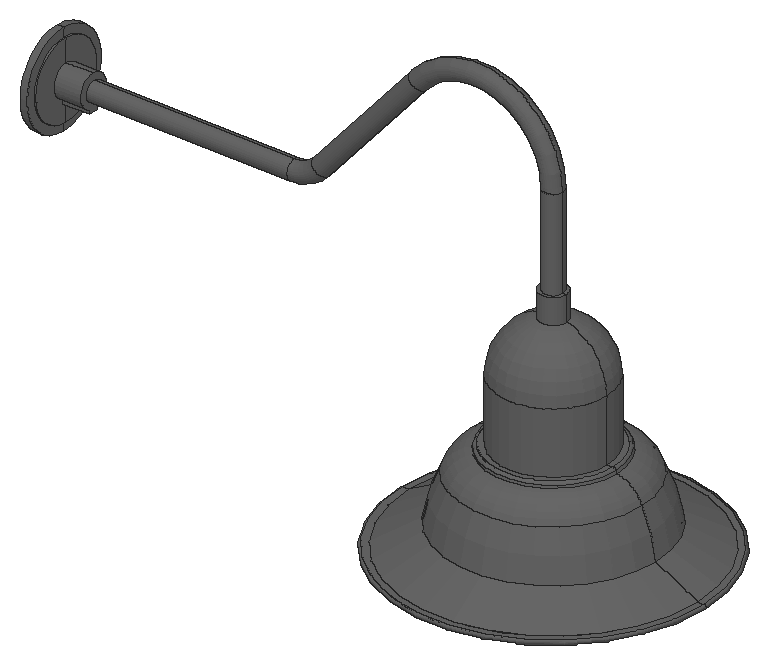
Revit family "Mini Bella Vista_Bell_LED", category Lighting Fixtures, Revit 2020
Family settings
  Round Connector Dimension = Use Diameter
  Part Type = Normal
  OmniClass Number = 23.80.70.00
  OmniClass Title = Lighting
  Work Plane-Based = No
  Always vertical = Yes
  Cut with Voids When Loaded = No
  Light Source = Yes
  Shared = No
  Room Calculation Point = No
Parameters (values of type "MBVB16")
  Weight = "2.6 lb"
  Wattage Comments = "24W"
  Wattage = 2.4 W
  Warranty = "5 year limited warranty"  # constant formula
  built-in parameter 1150110 = 1 (stored number, unit not read)
  Voltage = 277 V
  URL = "https://www.anplighting.com/assets/Uploads/product-attachments/specification-sheets/ANP-Specification-Sheet-RLM-LED-MBVB16.pdf"
  built-in parameter 1114217 = 1 (stored number, unit not read)
  Tilt Angle = 90.00°
  built-in parameter 1150109 = 1 (stored number, unit not read)
  built-in parameter 1150134 = 12
  built-in parameter 1150113 = 1 (stored number, unit not read)
  Mounting Option [instance] = 2
  Power Factor = 1
  Post Mount [instance] = Mounting Option = 5  # no
  Placement X axis side [instance] = if(Post Mount, 2' 2 15/32", if(Cord or Stem Mount, 0' 0", if(E36 20 inch, 1' 8 1/4", if(E 6 26 inch, 2' 2", if(E7 41 inch, 3' 5 1/4", 0' 1")))))  # 2' - 2"
  Photometric Web File = "MBVA16E040LDST540K.ies"
  Model = "MBVB16"
  Manufacturer = "ANP Lighting"  # constant formula
  MBVB16 = yes
  MBVB14 = no
  MBVB12 = no
  built-in parameter 1150105 = 3000 (stored number, unit not read)
  Lumens = 3000 lm
  built-in parameter 1150115 = 1 (stored number, unit not read)
  Load Classification = Lighting
  Light Source Height [instance] = if(BVB2001, 0' 2 1/2", if(BVB2401, 0' 2 1/2", if(BVB3001, 0' 2 1/2", if(MBVB12, 0' 2 1/2", if(MBVB14, 0' 4 1/2", if(MBVB16, 0' 5", 0' 0"))))))  # 0' - 5"
  built-in parameter 1150137 = (empty or 0)
  built-in parameter 1150139 = (empty or 0)
  Light Elevation_3 [instance] = if(BVB2001, (0' 2" + 0' 1 33/64"), if(BVB2401, (0' 1 1/4" + 0' 1 33/64"), if(BVB3001, (0' 2" + 0' 1 33/64"), if(MBVB12, (0' 1 3/4" + 0' 2 55/128"), if(MBVB14, (0' 2 3/8" + 0' 2 55/128"), if(MBVB16, (0' 3 3/8" + 0' 2 55/128"), 0' 0"))))))  # 0' - 5 103/128"
  Light Elevation _2 [instance] = if(BVB2001, 1' 2 1/2", if(BVB2401, 1' 7", if(BVB3001, 1' 10 153/256", if(MBVB12, 0' 10 5/8", if(MBVB14, 0' 11 1/4", if(MBVB16, 1' 0 1/4", 0' 0"))))))  # 1' - 0 1/4"
  Light Elevation _1 [instance] = if(Post Mount, 0' 0", if(E7 41 inch, 0' 0", if(E36 20 inch, 0' 1", if(E 6 26 inch, 0' 0.87402", if(Cord or Stem Mount, (0' 3.66142" + Cord Length), 0' 0")))))  # 0' - 0.87402"
  Light Elevation [instance] = if(Post Mount, 14' 0.5315", if(E7 41 inch, 0' 0", 0' 0"))  # 0' - 0"
  Life = "L70 50,000 hours"  # constant formula
  Led Platfrom = no
  built-in parameter 1150112 = 1 (stored number, unit not read)
  built-in parameter 1150114 = 1 (stored number, unit not read)
  Lamp = "LED"
  Inside platform Radius = Inside Platform Dia / 2  # 0' - 10"
  Inside body material = INSIDE BODY MATERIAL
  Inside Platform Dia = if(BVB2001, 1' 6", if(BVB2401, 1' 10", if(BVB3001, 2' 3 1/2", if(MBVB12, 1' 8", if(MBVB14, 1' 8", if(MBVB16, 1' 8", 0' 0"))))))  # 1' - 8"
  built-in parameter 1150132 = 2
  built-in parameter 1150102 = (empty or 0)
  built-in parameter 1150107 = 4000 (stored number, unit not read)
  built-in parameter 1150138 = (empty or 0)
  built-in parameter 1150106 = 30 (stored number, unit not read)
  INside Platfrom Height = if(BVB2001, (0' 2" + 0' 1 33/64"), if(BVB2401, (0' 1 1/4" + 0' 1 33/64"), if(BVB3001, (0' 2" + 0' 1 33/64"), if(MBVB12, (0' 1 3/4" + 0' 2 55/128"), if(MBVB14, (0' 2 3/8" + 0' 2 55/128"), if(MBVB16, (0' 3 3/8" + 0' 2 55/128"), 0' 0"))))))  # 0' - 5 103/128"
  GLASS = Glass
  Fixture Height = 1' - 0 1/4"
  Fixture Diameter = 1' - 4"
  Efficiency = "65-125 lumens per watt"  # constant formula
  built-in parameter 1150104 = 116.13 (stored number, unit not read)
  E7 41 inch [instance] = Mounting Option = 4  # no
  E36 20 inch [instance] = Mounting Option = 3  # no
  E 6 26 inch [instance] = Mounting Option = 2  # yes
  Dimming Lamp Color Temperature Shift = <None>
  Dimming = "1%"  # constant formula
  Description = "120-277 Voltage"  # constant formula
  Default Elevation = 0' - 0"
  Cord or Stem Mount [instance] = Mounting Option = 1  # no
  Cord Length option [instance] = 10
  Cord Length [instance] = if([2' Cord], 2' 0", if([4' Cord], 4' 0", if([8' Cord], 8' 0", if([10' Cord], 10' 0", if([6' Cord], 6' 0", 6' 0")))))  # 10' - 0"
  Construction Material = "Heavy Duty spun aluminum."  # constant formula
  Color Filter = 16777215
  CRI = ">90"
  Bulb_1 = yes
  Bulb = BULB
  Body Material = body
  Body Colour = "Spun aluminium"  # constant formula
  built-in parameter 1114218 = 1 (stored number, unit not read)
  BVB3001 = no
  BVB2401 = no
  BVB2001 = no
  built-in parameter 1150133 = 10 (stored number, unit not read)
  Apparent Load = 24 VA
  8' Cord [instance] = Cord Length option = 8  # no
  6' Cord [instance] = Cord Length option = 6  # no
  4' Cord [instance] = Cord Length option = 4  # no
  2' Cord [instance] = Cord Length option = 2  # no
  10' Cord [instance] = Cord Length option = 10  # yes
Reference planes (in)
  plane 1 "Light Source Axis (F/B)": y = 0
  plane 2: z = 0
  plane 3 "Light Source Axis (L/R)": x = 0
  plane 4 "Light Source Elevation": z = 0
  plane 5: z = 0
  plane 6: x = 26
  plane 7 "Bulb Position": z = -7.31933
  plane 8 "Canopy Position": z = -0.87402
  plane 9 "IES": z = -12.31933
  plane 10: z = -13.12402
Dimensions and locks (in)
  "Light Elevation": plane 5 to plane 2
  "Placement X axis side": plane 6 to plane 3 "Light Source Axis (L/R)"
  "Light Elevation _1": plane 5 to plane 8 "Canopy Position"
  "Light Source Height": plane 7 "Bulb Position" to plane 9 "IES"
  locked: plane 4 "Light Source Elevation" to plane 2
  "Light Elevation _2": plane 8 "Canopy Position" to plane 10
  "Light Elevation_3": plane 7 "Bulb Position" to plane 10
  aligned and locked: level to plane 2
  aligned and locked: plane 1 "Light Source Axis (F/B)" to nested 5
  aligned and locked: nested 5 to plane 2
  aligned and locked: nested 1 to plane 3 "Light Source Axis (L/R)"
  aligned and locked: plane 3 "Light Source Axis (L/R)" to nested 2
  aligned and locked: plane 3 "Light Source Axis (L/R)" to nested 4
  aligned and locked: nested 3 to plane 5
  aligned and locked: plane 3 "Light Source Axis (L/R)" to nested 3
  aligned and locked: plane 3 "Light Source Axis (L/R)" to nested 5
  aligned and locked: plane 1 "Light Source Axis (F/B)" to nested 2
  aligned and locked: plane 1 "Light Source Axis (F/B)" to nested 1
  aligned and locked: plane 1 "Light Source Axis (F/B)" to nested 4
  aligned and locked: plane 1 "Light Source Axis (F/B)" to nested 3
  aligned and locked: plane 2 to nested 1
  aligned and locked: plane 2 to nested 2
  aligned and locked: nested 4 to plane 2
  aligned and locked: imposter light to plane 9 "IES"
  aligned and locked: plane 6 to imposter light
  aligned and locked: plane 1 "Light Source Axis (F/B)" to nested 6
  aligned and locked: plane 1 "Light Source Axis (F/B)" to nested 7
  aligned and locked: nested 7 to plane 7 "Bulb Position"
  aligned and locked: plane 7 "Bulb Position" to nested 6
  aligned and locked: plane 6 to nested 7
  aligned and locked: plane 6 to nested 6
  aligned and locked: plane 1 "Light Source Axis (F/B)" to nested 8
  aligned and locked: plane 1 "Light Source Axis (F/B)" to nested 9
  aligned and locked: plane 1 "Light Source Axis (F/B)" to nested 10
  aligned and locked: plane 1 "Light Source Axis (F/B)" to nested 11
  aligned and locked: plane 1 "Light Source Axis (F/B)" to nested 12
  aligned and locked: plane 1 "Light Source Axis (F/B)" to nested 13
  aligned and locked: plane 8 "Canopy Position" to nested 8
  aligned and locked: plane 8 "Canopy Position" to nested 9
  aligned and locked: plane 8 "Canopy Position" to nested 10
  aligned and locked: plane 8 "Canopy Position" to nested 11
  aligned and locked: plane 8 "Canopy Position" to nested 12
  aligned and locked: plane 6 to nested 8
  aligned and locked: plane 6 to nested 9
  aligned and locked: plane 6 to nested 10
  aligned and locked: plane 6 to nested 11
  aligned and locked: plane 6 to nested 12
  aligned and locked: plane 6 to nested 13
Nested families (in)
  nested 1: "CORD OR STEM MOUNT" at (0, 0, -123.67), visible <- "Cord or Stem Mount", Cord or Stem Mount <- "Cord or Stem Mount", Body Material <- "Body Material", Light Elevation <- "Light Elevation", Cord Length <- "Cord Length", 10' Cord <- "10' Cord", 2' Cord <- "2' Cord", 4' Cord <- "4' Cord", 6' Cord <- "6' Cord", 8' Cord <- "8' Cord", type "CORD OR STEM MOUNT"
    with Light Elevation 0' - 0", Cord or Stem Mount no, Cord Length 10' - 0", Body Material body, 8' Cord no, 6' Cord no, 4' Cord no, 2' Cord no, 10' Cord yes
  nested 2: "E6 26 INCH" at (26, 0, 0), visible <- "E 6 26 inch", Chain Length <- "Cord Length", E 6 26 inch <- "E 6 26 inch", Placement X axis side <- "Placement X axis side", Body Material <- "Body Material", Light Elevation <- "Light Elevation", type "E6 26 INCH"
    with Placement X axis side 2' - 2", Light Elevation 0' - 0", E 6 26 inch yes, Chain Length 10' - 0", Body Material body
  nested 3: "E7 41 INCH" at (26, 0, 0), Chain Length <- "Cord Length", visible <- "E7 41 inch", E7 41 inch <- "E7 41 inch", Placement X axis side <- "Placement X axis side", Body Material <- "Body Material", Light Elevation <- "Light Elevation", type "E7 41 INCH"
    with Placement X axis side 2' - 2", Light Elevation 0' - 0", E7 41 inch no, Chain Length 10' - 0", Body Material body
  nested 4: "E36 20 INCH" at (26, 0, 0), visible <- "E36 20 inch", E36 20 inch <- "E36 20 inch", Placement X axis side <- "Placement X axis side", Chain Length <- "Cord Length", Body Material <- "Body Material", Light Elevation <- "Light Elevation", type "E36 20 INCH"
    with Placement X axis side 2' - 2", Light Elevation 0' - 0", E36 20 inch no, Chain Length 10' - 0", Body Material body
  nested 5: "POST MOUNT" at (26, 0, 0), visible <- "Post Mount", Post Mount <- "Post Mount", Placement X axis side <- "Placement X axis side", Chain Length <- "Cord Length", Body Material <- "Body Material", Light Elevation <- "Light Elevation", type "POST MOUNT"
    with Post Mount no, Placement X axis side 2' - 2", Light Elevation 0' - 0", Chain Length 10' - 0", Body Material body
  nested 6: "LED PLATFORM" at (26, 0, -13.12402), GLASS <- "GLASS", INSIDE BODY <- "Inside body material", visible <- "Led Platfrom", LED Platform <- "Led Platfrom", INside Platfrom Height <- "INside Platfrom Height", Inside platform Radius <- "Inside platform Radius", type "LED PLATFORM"
    with LED Platform no, Inside platform Radius 0' - 10", INside Platfrom Height 0' - 5 103/128", INSIDE BODY INSIDE BODY MATERIAL, GLASS Glass
  nested 7: "Bulb" at (26, 0, -5.29368), GLASS <- "GLASS", type "Bulb"
    with GLASS Glass
  nested 8: "BVA2001" at (26, 0, -0.87402), Body <- "Body Material", visible <- "BVB2001", Light Elevation <- "Light Elevation", BVB2001 <- "BVB2001", type "BVA2001"
    with Light Elevation 0' - 0", Body body, BVB2001 no
  nested 9: "BVA2401" at (26, 0, -3.86406), Light Elevation <- "Light Elevation", visible <- "BVB2401", Body <- "Body Material", BVB2401 <- "BVB2401", type "BVA2401"
    with Light Elevation 0' - 0", Body body, BVB2401 no
  nested 10: "BVA3001" at (26, 0, -3.47137), BVB3001 <- "BVB3001", Light Elevation <- "Light Elevation", Body <- "Body Material", visible <- "BVB3001", type "BVA3001"
    with Light Elevation 0' - 0", Body body, BVB3001 no
  nested 11: "MBVB12 LED" at (26, 0, -0.87402), visible <- "MBVB12", Body <- "Body Material", Light Elevation <- "Light Elevation", MBVB12 <- "MBVB12", type "MBVB12 LED"
    with MBVB12 no, Light Elevation 0' - 0", Body body
  nested 12: "MBVB14 LED" at (26, 0, -0.87402), visible <- "MBVB14", Body <- "Body Material", Light Elevation <- "Light Elevation", MBVB14 <- "MBVB14", type "MBVB14 LED"
    with MBVB14 no, Light Elevation 0' - 0", Body body
  nested 13: "MBVB16 LED" at (26, 0, -0.87402), MBVB16 <- "MBVB16", Light Elevation <- "Light Elevation", Body <- "Body Material", visible <- "MBVB16", type "MBVB16 LED"
    with MBVB16 yes, Light Elevation 0' - 0", Body body
Definition of nested family "E6 26 INCH"
  Parameters (values of type "E6 26 INCH")
    URL = ""
    Placement X axis side [instance] = 2' - 2"
    Model = ""
    Manufacturer = ""
    Light Elevation [instance] = 8' - 4"
    E 6 26 inch [instance] = yes
    Default Elevation = 0' - 0"
    Chain Length [instance] = 0' - 0"
    Body Material [instance] = none
  Reference planes (in)
    plane 1 "Light Source Axis (F/B)": y = 0
    plane 2: z = 0
    plane 3 "Light Source Axis (L/R)": x = 0
    plane 4 "Light Source Elevation": z = 23.125
    plane 5: z = 100
    plane 6: x = -26
    plane 7: z = 99.125
    plane 8: x = -24.12
    plane 9: x = -25.5474
  Forms (in)
    Extrusion 1, void, not visible
      sketch origin (0, 0, 2.38154) x (1, 0, 0) y (0, 0, 1)
        loop
          circle (0, 4.59925) r 0.16583
      from 1.18594 to 1.75
    Extrusion 2, void, not visible
      sketch origin (0, 0, 2.38154) x (0.707107, -0.707107, 0) y (0, 0, 1)
        loop
          circle (0, 4.59925) r 0.16583
      from 1.18594 to 1.75
    Extrusion 3, void, not visible
      sketch origin (0, 0, 2.38154) x (0.707107, 0.707107, 0) y (0, 0, 1)
        loop
          circle (0, 4.59925) r 0.16583
      from 1.18594 to 1.75
    Extrusion 4, void, not visible
      sketch origin (0, 0, 2.38154) x (0, 1, 0) y (0, 0, 1)
        loop
          circle (0, 4.59925) r 0.16583
      from 1.18594 to 1.75
    Extrusion 5, void, not visible
      sketch origin (0, 0, 2.38154) x (-0.707107, 0.707107, 0) y (0, 0, 1)
        loop
          circle (0, 4.59925) r 0.16583
      from 1.18594 to 1.75
    Extrusion 6, void, not visible
      sketch origin (0, 0, 2.38154) x (-1, 0, 0) y (0, 0, 1)
        loop
          circle (0, 4.59925) r 0.20678
      from 1.18594 to 1.75
    Extrusion 7, void, not visible
      sketch origin (0, 0, 2.38154) x (-0.707107, -0.707107, 0) y (0, 0, 1)
        loop
          circle (0, 4.59925) r 0.16583
      from 1.18594 to 1.75
    Extrusion 8, void, not visible
      sketch origin (0, 0, 2.38154) x (0, -1, 0) y (0, 0, 1)
        loop
          circle (0, 4.59925) r 0.16583
      from 1.18594 to 1.75
    Sweep 9, solid, material <- "Body Material", visible <- "E 6 26 inch"
      path origin (-41.25, 0, 168.51693) x (1, 0, 0) y (0, 0, 1)
        loop
          line (17.13, -68.51693) -> (27.68551, -68.51693)
          arc (27.68551, -68.51693) -> (28.47996, -68.34486) -> (29.13202, -67.8595) r 1.92004
          line (29.13202, -67.8595) -> (34.23651, -62.01155)
          arc (34.23651, -62.01155) -> (38.65464, -60.89667) -> (41.25, -64.64193) r 4
          line (41.25, -64.64193) -> (41.25, -69.39193)
      profile origin (-18.84224, 0, 100) x (0, 0, 1) y (0, -1, 0)
        loop
          circle (0, 0) r 0.5
    Revolve 10, solid, material <- "Body Material", visible <- "E 6 26 inch"
      sketch origin (-26, 0, 168.51693) x (1, 0, 0) y (0, 0, 1)
        loop
          line (0, -66.07943) -> (0, -68.51693) -> (1.88, -68.51693) -> (1.88, -67.69272) -> (0.4526, -67.69272) -> (0.4526, -66.54122) -> (0.33125, -66.54122) -> (0.33125, -66.07943) -> (0, -66.07943)
        axis (0, -68.51693) -> (1.88, -68.51693)
      angle from 0 to 360
    Extrusion 11, solid, material <- "Body Material", visible <- "E 6 26 inch"
      sketch origin (-26, 0, 168.51693) x (0, -1, 0) y (0, 0, -1)
        loop
          line (0.25, 68.51693) -> (0.25, 69.51693) -> (-0.25, 69.51693) -> (-0.25, 68.51693) -> (0.25, 68.51693)
      from 0.4526 to 1.88
  Cuts and joins
    joined: Revolve 10, Extrusion 11
  Dimensions and locks (in)
    "Light Elevation": plane 5 to plane 2
    "Placement X axis side": plane 3 "Light Source Axis (L/R)" to plane 6
    locked: plane 5 to plane 7 at 0.875
    Revolve 10 sketch curve to Revolve 10 sketch curve to Revolve 10 sketch curve to plane 6 = 0' - 1.4274" locked, 0' - 0.12135" locked, 0' - 0.33125" locked
    Revolve 10 sketch curve to Revolve 10 sketch curve to Revolve 10 sketch curve to plane 5 = 0' - 0.46179" locked, 0' - 1.1515" locked, 0' - 0 211/256" locked
    locked: Sweep 9 sketch curve to plane 6 at 1.88
    locked: Sweep 9 sketch curve to Sweep 9 sketch curve at 10.55551
    locked: Sweep 9 sketch curve to Sweep 9 sketch curve at 13.56449
    locked: Sweep 9 sketch curve to Sweep 9 sketch curve at 4.75
    locked: plane 9 to plane 6 at 0.4526
    locked: plane 8 to plane 9 at 1.4274
    aligned and locked: level to plane 2
    aligned and locked: Revolve 10 sketch curve to plane 6
    aligned and locked: plane 5 to Revolve 10 sketch curve
    aligned and locked: Revolve 10 sketch curve to plane 5
    aligned and locked: cut or joined group of Revolve 10, Extrusion 11 to plane 9
    aligned and locked: plane 8 to cut or joined group of Revolve 10, Extrusion 11
  Automatic sketch dimensions
    Sweep 9 sketch curve to plane 5 = 0' - 0"
    Sweep 9 sketch curve to Sweep 9 sketch curve = 0' - 4"
    Sweep 9 sketch curve to Sweep 9 sketch curve = 0' - 3.01349"
    plane 5 to Sweep 9 sketch curve = 0' - 0.65743"
    Sweep 9 sketch curve to Sweep 9 sketch curve = 0' - 1.4465"
    Sweep 9 sketch curve to plane 5 = 0' - 0 7/8"
    profile plane to Sweep 9 sketch curve = 0' - 0"
    Sweep 9 sketch curve to profile plane = 0' - 0"
    plane 6 to Revolve 10 sketch curve = 0' - 0.62562"
    Revolve 10 sketch curve to Revolve 10 sketch curve = 0' - 0 1/2"
    Extrusion 11 sketch curve to plane 5 = 0' - 0"
    plane 1 "Light Source Axis (F/B)" to Extrusion 11 sketch curve = 0' - 0 1/4"
    Extrusion 11 sketch curve to plane 1 "Light Source Axis (F/B)" = 0' - 0 1/4"
    plane 5 to Extrusion 11 sketch curve = 0' - 1"
    radius of Sweep 9 sketch curve = 0' - 0 1/2"
Definition of nested family "Bulb"
  Parameters (values of type "Bulb")
    GLASS [instance] = none
    Default Elevation = 0' - 0"
    Bulb_1 = yes
    Bulb = none
  Reference planes (in)
    plane 1 "Center (Front/Back)": y = 0
    plane 2: z = 0
    plane 3 "Center (Left/Right)": x = 0
  Forms (in)
    Revolve 1, solid, material <- "GLASS", visible <- "Bulb_1"
      sketch origin (0.00446, 0, 0.00567) x (1, 0, 0) y (0, 0, 1)
        loop
          arc (-1.22244, -3.28132) -> (-0.86108, -4.13031) -> (0, -4.46182) r 1.18347
          line (0, -4.46182) -> (0, -3.28132) -> (-1.22244, -3.28132)
        axis (0, -4.46182) -> (0, -3.28132)
      angle from 0 to 360
    Revolve 2, solid, material <- "Bulb", visible <- "Bulb_1"
      sketch origin (0, 0, 0) x (1, 0, 0) y (0, 0, 1)
        loop
          line (0.00225, -3.02565) -> (0.00225, -3.27565) -> (1.76788, -3.27565) -> (1.76788, -3.02565) -> (0.00225, -3.02565)
        axis (0.00225, -3.02565) -> (0.00225, -3.27565)
      angle from 0 to 360
    Revolve 3, solid, material <- "Bulb", visible <- "Bulb_1"
      sketch origin (0, 0, 0) x (1, 0, 0) y (0, 0, 1)
        loop
          line (1.3513, -2.02565) -> (0, -2.02565) -> (0, -3.02565) -> (1.47103, -3.02565) -> (1.39254, -2.98286) -> (1.39254, -2.056) -> (1.3513, -2.02565)
        axis (0, -3.02565) -> (0, -2.02565)
      angle from 0 to 360
  Dimensions and locks (in)
    aligned and locked: plane 2 to level
Definition of nested family "MBVB16 LED"
  Parameters (values of type "MBVB16 LED")
    MBVB16 [instance] = yes
    Light Elevation [instance] = 0' - 0"
    Default Elevation = 0' - 0"
    Body [instance] = none
  Reference planes (in)
    plane 1 "Center (Front/Back)": y = 0
    plane 2: z = 0
    plane 3 "Center (Left/Right)": x = 0
    plane 4: z = 0
  Dimensions and locks (in)
    "Light Elevation": plane 4 to plane 2
    aligned and locked: plane 2 to level
    aligned and locked: plane 3 "Center (Left/Right)" to nested 1
    aligned and locked: plane 1 "Center (Front/Back)" to nested 1
    aligned and locked: plane 4 to nested 1
  Nested families (in)
    nested 1: "MBVB16" at (0, 0, -12.25), visible <- "MBVB16", Body <- "Body", MBVB16 <- "MBVB16", type "MBVB16"
      with MBVB16 yes, Body none
  Definition of nested family "MBVB16"
    Parameters (values of type "MBVB16")
      REFLECTIVE = none
      MBVB16 [instance] = yes
      Default Elevation = 0' - 0"
      Body [instance] = none
      BELLA = none
    Reference planes (in)
      plane 1 "Center (Front/Back)": y = 0
      plane 2: z = 0
      plane 3 "Center (Left/Right)": x = 0
      plane 4: x = -8
      plane 5: x = 8
      plane 6: z = 12.25
    Forms (in)
      Revolve 1, solid, material <- "Body", visible <- "MBVB16"
        sketch origin (0, 0, 0) x (1, 0, 0) y (0, 0, 1)
          loop
            line (-2.83335, 8.23279) -> (-2.83335, 5.01199) -> (-3.13722, 5.01199)
            arc (-3.13722, 5.01199) -> (-3.23739, 4.97852) -> (-3.29734, 4.89156) r 0.16666
            line (-3.29734, 4.89156) -> (-3.33058, 4.77648)
            arc (-3.33058, 4.77648) -> (-4.1323, 4.41333) -> (-4.64481, 3.69781) r 1.69924
            arc (-4.64481, 3.69781) -> (-5.10175, 2.5566) -> (-5.395, 1.3628) r 8.78983
            line (-5.395, 1.3628) -> (-7.55855, 0.21242) -> (-7.89366, 0.21242)
            arc (-7.89366, 0.21242) -> (-7.99988, 0.10621) -> (-7.89366, 0) r 0.10621
            line (-7.89366, 0) -> (-7.82493, 0) -> (-5.33856, 1.32203)
            arc (-5.33856, 1.32203) -> (-5.04647, 2.52429) -> (-4.5873, 3.67317) r 8.72733
            arc (-4.5873, 3.67317) -> (-4.07852, 4.37649) -> (-3.28162, 4.72073) r 1.63674
            line (-3.28162, 4.72073) -> (-3.23729, 4.87422)
            arc (-3.23729, 4.87422) -> (-3.19983, 4.92857) -> (-3.13722, 4.94949) r 0.10416
            line (-3.13722, 4.94949) -> (-2.77085, 4.94949) -> (-2.77085, 8.23296)
            arc (-2.77085, 8.23296) -> (-2.14247, 9.99625) -> (-0.5298, 10.94669) r 2.74495
            line (-0.5298, 10.94669) -> (-0.43999, 10.94669) -> (-0.43999, 11.00741) -> (-0.54507, 11.00741)
            arc (-0.54507, 11.00741) -> (-2.19183, 10.03462) -> (-2.83335, 8.23279) r 2.80745
          axis (0, 11.00741) -> (0, 0)
        angle from 0 to 360
      Revolve 2, solid, material <- "Body", visible <- "MBVB16"
        sketch origin (0, 0, 0) x (1, 0, 0) y (0, 0, 1)
          loop
            arc (-3.23224, 4.69343) -> (-4.04864, 4.37742) -> (-4.56864, 3.67317) r 1.56897
            arc (-4.56864, 3.67317) -> (-5.021, 2.51634) -> (-5.323, 1.31148) r 9.77401
            line (-5.323, 1.31148) -> (-7.78583, 0) -> (-7.65286, 0) -> (-5.26694, 1.27052)
            arc (-5.26694, 1.27052) -> (-4.96564, 2.48421) -> (-4.51089, 3.64913) r 9.71151
            arc (-4.51089, 3.64913) -> (-4.0128, 4.32615) -> (-3.2295, 4.63093) r 1.50647
            line (-3.2295, 4.63093) -> (-2.98224, 4.63093) -> (-2.98224, 4.69343) -> (-3.23224, 4.69343)
          axis (0, 4.69343) -> (0, 0)
        angle from 0 to 360
      Revolve 3, solid, material <- "Body", visible <- "MBVB16"
        sketch origin (0, 0, 0) x (1, 0, 0) y (0, 0, 1)
          loop
            line (-0.68999, 12.25) -> (-0.68999, 10.94669) -> (-0.43999, 10.94669) -> (-0.43999, 12.25) -> (-0.68999, 12.25)
          axis (0, 12.25) -> (0, 10.94669)
        angle from 0 to 360
    Dimensions and locks (in)
      locked: Revolve 1 sketch curve to Revolve 1 sketch curve at 5.99543
      locked: Revolve 1 sketch curve to Revolve 2 at 5.01199
      locked: plane 6 to level at 12.25
      locked: plane 5 to plane 4 at 16
      aligned and locked: plane 2 to level
      aligned and locked: Revolve 3 to plane 6
      aligned and locked: Revolve 3 to Revolve 1
Definition of nested family "CORD OR STEM MOUNT"
  Parameters (values of type "CORD OR STEM MOUNT")
    URL = ""
    Model = ""
    Manufacturer = ""
    Light Elevation [instance] = 1' - 7.69"
    Default Elevation = 0' - 0"
    Cord or Stem Mount [instance] = yes
    Cord Length [instance] = 6' - 0"
    Body Material [instance] = none
    8' Cord [instance] = no
    6' Cord [instance] = no
    4' Cord [instance] = no
    2' Cord [instance] = no
    10' Cord [instance] = no
  Reference planes (in)
    plane 1 "Light Source Axis (F/B)": y = 0
    plane 2: z = 0
    plane 3 "Light Source Axis (L/R)": x = 0
    plane 4 "Light Source Elevation": z = 23.125
    plane 5: z = 91.69
    plane 6: z = 19.69
  Forms (in)
    Extrusion 1, void, not visible
      sketch origin (0, 0, 2.38154) x (1, 0, 0) y (0, 0, 1)
        loop
          circle (0, 4.59925) r 0.16583
      from 1.18594 to 1.75
    Extrusion 2, void, not visible
      sketch origin (0, 0, 2.38154) x (0.707107, -0.707107, 0) y (0, 0, 1)
        loop
          circle (0, 4.59925) r 0.16583
      from 1.18594 to 1.75
    Extrusion 3, void, not visible
      sketch origin (0, 0, 2.38154) x (0.707107, 0.707107, 0) y (0, 0, 1)
        loop
          circle (0, 4.59925) r 0.16583
      from 1.18594 to 1.75
    Extrusion 4, void, not visible
      sketch origin (0, 0, 2.38154) x (0, 1, 0) y (0, 0, 1)
        loop
          circle (0, 4.59925) r 0.16583
      from 1.18594 to 1.75
    Extrusion 5, void, not visible
      sketch origin (0, 0, 2.38154) x (-0.707107, 0.707107, 0) y (0, 0, 1)
        loop
          circle (0, 4.59925) r 0.16583
      from 1.18594 to 1.75
    Extrusion 6, void, not visible
      sketch origin (0, 0, 2.38154) x (-1, 0, 0) y (0, 0, 1)
        loop
          circle (0, 4.59925) r 0.20678
      from 1.18594 to 1.75
    Extrusion 7, void, not visible
      sketch origin (0, 0, 2.38154) x (-0.707107, -0.707107, 0) y (0, 0, 1)
        loop
          circle (0, 4.59925) r 0.16583
      from 1.18594 to 1.75
    Extrusion 8, void, not visible
      sketch origin (0, 0, 2.38154) x (0, -1, 0) y (0, 0, 1)
        loop
          circle (0, 4.59925) r 0.16583
      from 1.18594 to 1.75
    Revolve 9, solid, material <- "Body Material", visible <- "Cord or Stem Mount"
      sketch origin (0, 0, 174.56698) x (1, 0, 0) y (0, 0, 1)
        loop
          line (2.6875, -79.20698) -> (0, -79.20698) -> (0, -82.87698) -> (0.125, -82.87698) -> (0.125, -82.83698) -> (0.75, -82.83698)
          arc (0.75, -82.83698) -> (0.81694, -82.77004) -> (0.75, -82.7031) r 0.06694
          line (0.75, -82.7031) -> (0.89763, -82.7031) -> (1.00223, -82.5985) -> (1.06587, -82.5985)
          arc (1.06587, -82.5985) -> (1.80099, -82.29401) -> (2.10549, -81.55888) r 1.03962
          line (2.10549, -81.55888) -> (2.10549, -81.03899)
          arc (2.10549, -81.03899) -> (2.12951, -80.981) -> (2.1875, -80.95698) r 0.08201
          line (2.1875, -80.95698) -> (2.1875, -80.70698) -> (2.6875, -80.70698) -> (2.6875, -79.20698)
        axis (0, -79.20698) -> (0, -82.87698)
      angle from 0 to 360
    Revolve 10, solid, material <- "Body Material", visible <- "Cord or Stem Mount"
      sketch origin (0, 0, 0) x (1, 0, 0) y (0, 0, 1)
        loop
          line (0, 91.69) -> (-0.125, 91.69) -> (-0.125, 19.69) -> (0, 19.69) -> (0, 91.69)
        axis (0, 19.69) -> (0, 91.69)
      angle from 0 to 360
  Dimensions and locks (in)
    "Light Elevation": plane 6 to plane 2
    "Cord Length": plane 5 to plane 6
    locked: Revolve 10 sketch curve to Revolve 10 sketch curve at 0.125
    aligned and locked: level to plane 2
    aligned and locked: Revolve 10 sketch curve to plane 3 "Light Source Axis (L/R)"
    aligned and locked: Revolve 10 sketch curve to plane 6
    aligned and locked: Revolve 10 sketch curve to plane 5
    aligned and locked: plane 3 "Light Source Axis (L/R)" to Revolve 10 sketch curve
  Automatic sketch dimensions
    Revolve 9 sketch curve to plane 3 "Light Source Axis (L/R)" = 0' - 0"  (x2)
    Revolve 9 sketch curve to plane 5 = 0' - 0"
    plane 3 "Light Source Axis (L/R)" to Revolve 9 sketch curve = 0' - 0 1/8"
    Revolve 9 sketch curve to plane 5 = 0' - 0.17388"
    Revolve 9 sketch curve to Revolve 9 sketch curve = 0' - 0 5/8"
    Revolve 9 sketch curve to Revolve 9 sketch curve = 0' - 0.14763"
    Revolve 9 sketch curve to plane 5 = 0' - 0.27847"
    Revolve 9 sketch curve to Revolve 9 sketch curve = 0' - 0.1046"
    Revolve 9 sketch curve to Revolve 9 sketch curve = 0' - 0.06364"
    Revolve 9 sketch curve to Revolve 9 sketch curve = 0' - 1.03962"
    Revolve 9 sketch curve to Revolve 9 sketch curve = 0' - 0 21/256"
    Revolve 9 sketch curve to Revolve 9 sketch curve = 0' - 0 1/2"  (x2)
    Revolve 9 sketch curve to Revolve 9 sketch curve = 0' - 0.51989"
    Revolve 9 sketch curve to Revolve 9 sketch curve = 0' - 0 1/4"
    Revolve 9 sketch curve to Revolve 9 sketch curve = 0' - 2.3519"
    Revolve 9 sketch curve to Revolve 9 sketch curve = 0' - 1 1/4"
    Revolve 9 sketch curve to Revolve 9 sketch curve = 0' - 0.04"
    Revolve 10 sketch curve to Revolve 10 sketch curve = 0' - 0 1/2"
    Revolve 10 sketch curve to Revolve 10 sketch curve = 0' - 0.42345"
Definition of nested family "E7 41 INCH"
  Parameters (values of type "E7 41 INCH")
    URL = ""
    Placement X axis side [instance] = 4' - 2"
    Model = ""
    Manufacturer = ""
    Light Elevation [instance] = 8' - 4"
    E7 41 inch [instance] = yes
    Default Elevation = 0' - 0"
    Chain Length [instance] = 0' - 0"
    Body Material [instance] = none
  Reference planes (in)
    plane 1 "Light Source Axis (F/B)": y = 0
    plane 2: z = 0
    plane 3 "Light Source Axis (L/R)": x = 0
    plane 4 "Light Source Elevation": z = 23.125
    plane 5: z = 100
    plane 6: x = -50
  Forms (in)
    Extrusion 1, void, not visible
      sketch origin (0, 0, 2.38154) x (1, 0, 0) y (0, 0, 1)
        loop
          circle (0, 4.59925) r 0.16583
      from 1.18594 to 1.75
    Extrusion 2, void, not visible
      sketch origin (0, 0, 2.38154) x (0.707107, -0.707107, 0) y (0, 0, 1)
        loop
          circle (0, 4.59925) r 0.16583
      from 1.18594 to 1.75
    Extrusion 3, void, not visible
      sketch origin (0, 0, 2.38154) x (0.707107, 0.707107, 0) y (0, 0, 1)
        loop
          circle (0, 4.59925) r 0.16583
      from 1.18594 to 1.75
    Extrusion 4, void, not visible
      sketch origin (0, 0, 2.38154) x (0, 1, 0) y (0, 0, 1)
        loop
          circle (0, 4.59925) r 0.16583
      from 1.18594 to 1.75
    Extrusion 5, void, not visible
      sketch origin (0, 0, 2.38154) x (-0.707107, 0.707107, 0) y (0, 0, 1)
        loop
          circle (0, 4.59925) r 0.16583
      from 1.18594 to 1.75
    Extrusion 6, void, not visible
      sketch origin (0, 0, 2.38154) x (-1, 0, 0) y (0, 0, 1)
        loop
          circle (0, 4.59925) r 0.20678
      from 1.18594 to 1.75
    Extrusion 7, void, not visible
      sketch origin (0, 0, 2.38154) x (-0.707107, -0.707107, 0) y (0, 0, 1)
        loop
          circle (0, 4.59925) r 0.16583
      from 1.18594 to 1.75
    Extrusion 8, void, not visible
      sketch origin (0, 0, 2.38154) x (0, -1, 0) y (0, 0, 1)
        loop
          circle (0, 4.59925) r 0.16583
      from 1.18594 to 1.75
    Revolve 9, solid, material <- "Body Material", visible <- "E7 41 inch"
      sketch origin (-41.25, 0, 168.39193) x (1, 0, 0) y (0, 0, 1)
        loop
          line (-8.75, -66.20443) -> (-8.75, -68.51693) -> (-6.87, -68.51693) -> (-6.87, -67.69272) -> (-8.2974, -67.69272) -> (-8.2974, -66.54122) -> (-8.41875, -66.54122) -> (-8.41875, -66.20443) -> (-8.75, -66.20443)
        axis (-8.75, -68.51693) -> (-6.87, -68.51693)
      angle from 0 to 360
    Extrusion 10, solid, material <- "Body Material", visible <- "E7 41 inch"
      sketch origin (-41.25, 0, 168.39193) x (0, -1, 0) y (0, 0, -1)
        loop
          line (0.25, 68.51693) -> (0.25, 69.51693) -> (-0.25, 69.51693) -> (-0.25, 68.51693) -> (0.25, 68.51693)
      from -8.2974 to -6.87
    Sweep 11, solid, material <- "Body Material", visible <- "E7 41 inch"
      path origin (-41.25, 0, 168.39193) x (1, 0, 0) y (0, 0, 1)
        loop
          line (-6.87, -68.51693) -> (16.04011, -68.51693)
          arc (16.04011, -68.51693) -> (17.864, -68.13651) -> (19.38375, -67.0587) r 4.5625
          line (19.38375, -67.0587) -> (24.70217, -61.33018)
          arc (24.70217, -61.33018) -> (29.64465, -60.20324) -> (32.5, -64.39193) r 4.5
          line (32.5, -64.39193) -> (32.5, -68.39193)
      profile origin (-36.66494, 0, 99.875) x (0, 0, 1) y (0, -1, 0)
        loop
          circle (0, 0) r 0.5
  Dimensions and locks (in)
    "Placement X axis side": plane 3 "Light Source Axis (L/R)" to plane 6
    "Light Elevation": plane 5 to plane 2
    locked: Revolve 9 sketch curve to Revolve 9 sketch curve at 0.33125
    locked: Revolve 9 sketch curve to Revolve 9 sketch curve at 0.4526
    locked: Revolve 9 sketch curve to Revolve 9 sketch curve at 1.88
    locked: Revolve 9 sketch curve to Revolve 9 sketch curve at 0.82421
    locked: Revolve 9 sketch curve to Revolve 9 sketch curve at 1.1515
    locked: Revolve 9 sketch curve to Revolve 9 sketch curve at 0.33679
    locked: plane 5 to Revolve 9 sketch curve at 0.125
    locked: Extrusion 10 sketch curve to Extrusion 10 sketch curve at 0.5
    locked: Extrusion 10 sketch curve to Extrusion 10 sketch curve at 1
    locked: plane 5 to Extrusion 10 sketch curve at 0.125
    locked: plane 5 to Sweep 11 sketch curve at 0.125
    locked: Sweep 11 sketch curve to Sweep 11 sketch curve at 39.37
    locked: Sweep 11 sketch curve to Sweep 11 sketch curve at 4
    locked: plane 6 to Extrusion 10 at 0.4526
    locked: Sweep 11 sketch curve to plane 6 at 1.88
    locked: Extrusion 10 to Extrusion 10 at 1.4274
    aligned and locked: plane 2 to level
    aligned and locked: Revolve 9 sketch curve to plane 6
  Automatic sketch dimensions
    Revolve 9 sketch curve to plane 5 = 0' - 0 1/8"
    plane 6 to Revolve 9 sketch curve = 0' - 0.62562"
    Revolve 9 sketch curve to Revolve 9 sketch curve = 0' - 0 1/2"
    plane 1 "Light Source Axis (F/B)" to Extrusion 10 sketch curve = 0' - 0 1/4"
    Sweep 11 sketch curve to plane 5 = 0' - 0"
    Sweep 11 sketch curve to Sweep 11 sketch curve = 0' - 4 1/2"
    Sweep 11 sketch curve to Sweep 11 sketch curve = 0' - 3.29783"
    plane 5 to Sweep 11 sketch curve = 0' - 1.33323"
    Sweep 11 sketch curve to Sweep 11 sketch curve = 0' - 5.31842"
    Sweep 11 sketch curve to Sweep 11 sketch curve = 0' - 3.34364"
    profile plane to Sweep 11 sketch curve = 0' - 0"
    Sweep 11 sketch curve to profile plane = 0' - 0"
    radius of Sweep 11 sketch curve = 0' - 0 1/2"
Definition of nested family "E36 20 INCH"
  Parameters (values of type "E36 20 INCH")
    URL = ""
    Placement X axis side [instance] = 1' - 8 1/4"
    Model = ""
    Manufacturer = ""
    Light Elevation [instance] = 8' - 4"
    E36 20 inch [instance] = yes
    Default Elevation = 0' - 0"
    Chain Length [instance] = 0' - 0"
    Body Material [instance] = none
  Reference planes (in)
    plane 1 "Light Source Axis (F/B)": y = 0
    plane 2: z = 0
    plane 3 "Light Source Axis (L/R)": x = 0
    plane 4 "Light Source Elevation": z = 23.125
    plane 5: z = 99
    plane 6: x = -20.25
    plane 7: z = 100
    plane 8: x = -18.37008
    plane 9: x = -19.79724
  Forms (in)
    Extrusion 1, void, not visible
      sketch origin (0, 0, 2.38154) x (1, 0, 0) y (0, 0, 1)
        loop
          circle (0, 4.59925) r 0.16583
      from 1.18594 to 1.75
    Extrusion 2, void, not visible
      sketch origin (0, 0, 2.38154) x (0.707107, -0.707107, 0) y (0, 0, 1)
        loop
          circle (0, 4.59925) r 0.16583
      from 1.18594 to 1.75
    Extrusion 3, void, not visible
      sketch origin (0, 0, 2.38154) x (0.707107, 0.707107, 0) y (0, 0, 1)
        loop
          circle (0, 4.59925) r 0.16583
      from 1.18594 to 1.75
    Extrusion 4, void, not visible
      sketch origin (0, 0, 2.38154) x (0, 1, 0) y (0, 0, 1)
        loop
          circle (0, 4.59925) r 0.16583
      from 1.18594 to 1.75
    Extrusion 5, void, not visible
      sketch origin (0, 0, 2.38154) x (-0.707107, 0.707107, 0) y (0, 0, 1)
        loop
          circle (0, 4.59925) r 0.16583
      from 1.18594 to 1.75
    Extrusion 6, void, not visible
      sketch origin (0, 0, 2.38154) x (-1, 0, 0) y (0, 0, 1)
        loop
          circle (0, 4.59925) r 0.20678
      from 1.18594 to 1.75
    Extrusion 7, void, not visible
      sketch origin (0, 0, 2.38154) x (-0.707107, -0.707107, 0) y (0, 0, 1)
        loop
          circle (0, 4.59925) r 0.16583
      from 1.18594 to 1.75
    Extrusion 8, void, not visible
      sketch origin (0, 0, 2.38154) x (0, -1, 0) y (0, 0, 1)
        loop
          circle (0, 4.59925) r 0.16583
      from 1.18594 to 1.75
    Sweep 9, solid, material <- "Body Material", visible <- "E36 20 inch"
      path origin (-41.25, 0, 169.51693) x (1, 0, 0) y (0, 0, 1)
        loop
          line (22.88, -69.51693) -> (28.93827, -69.51693)
          arc (28.93827, -69.51693) -> (29.97705, -69.28152) -> (30.81284, -68.62128) r 2.40953
          line (30.81284, -68.62128) -> (34.13807, -64.50378)
          arc (34.13807, -64.50378) -> (38.58272, -63.24548) -> (41.25, -67.01693) r 4
          line (41.25, -67.01693) -> (41.25, -70.51693)
      profile origin (-15.34086, 0, 100) x (0, 0, 1) y (0, -1, 0)
        loop
          circle (0, 0) r 0.5
    Revolve 10, solid, material <- "Body Material", visible <- "E36 20 inch"
      sketch origin (-20.25, 0, 169.51693) x (1, 0, 0) y (0, 0, 1)
        loop
          line (0, -67.20443) -> (0, -69.51693) -> (1.88, -69.51693) -> (1.88, -68.69272) -> (0.4526, -68.69272) -> (0.4526, -67.54122) -> (0.33125, -67.54122) -> (0.33125, -67.20443) -> (0, -67.20443)
        axis (0, -69.51693) -> (1.88, -69.51693)
      angle from 0 to 360
    Extrusion 11, solid, material <- "Body Material", visible <- "E36 20 inch"
      sketch origin (-20.25, 0, 169.51693) x (0, -1, 0) y (0, 0, -1)
        loop
          line (0.25, 69.51693) -> (0.25, 70.51693) -> (-0.25, 70.51693) -> (-0.25, 69.51693) -> (0.25, 69.51693)
      from 1.87992 to 0.45276
  Cuts and joins
    joined: Revolve 10, Extrusion 11
  Dimensions and locks (in)
    "Light Elevation": plane 7 to plane 2
    "Placement X axis side": plane 3 "Light Source Axis (L/R)" to plane 6
    locked: plane 7 to plane 5 at 1
    Revolve 10 sketch curve to Revolve 10 sketch curve to Revolve 10 sketch curve to plane 7 = 0' - 0.33679" locked, 0' - 1.1515" locked, 0' - 0 211/256" locked
    locked: Sweep 9 sketch curve to plane 6 at 1.88
    locked: Sweep 9 sketch curve to Sweep 9 sketch curve at 6.05827
    locked: Sweep 9 sketch curve to Sweep 9 sketch curve at 12.31173
    locked: Sweep 9 sketch curve to Sweep 9 sketch curve at 3.5
    Revolve 10 sketch curve to Revolve 10 sketch curve to Revolve 10 sketch curve to plane 6 = 0' - 1.4274" locked, 0' - 0.12135" locked, 0' - 0.33125" locked
    locked: plane 9 to plane 6 at 0.45276
    locked: plane 8 to plane 9 at 1.42717
    aligned and locked: level to plane 2
    aligned and locked: plane 7 to Revolve 10 sketch curve
    aligned and locked: Revolve 10 sketch curve to plane 7
    aligned and locked: Revolve 10 sketch curve to plane 6
    aligned and locked: cut or joined group of Revolve 10, Extrusion 11 to plane 9
    aligned and locked: plane 8 to cut or joined group of Revolve 10, Extrusion 11
  Automatic sketch dimensions
    Sweep 9 sketch curve to plane 7 = 0' - 0"
    Sweep 9 sketch curve to plane 5 = 0' - 0"
    Sweep 9 sketch curve to Sweep 9 sketch curve = 0' - 4"
    Sweep 9 sketch curve to plane 7 = 0' - 0.89565"
    Sweep 9 sketch curve to Sweep 9 sketch curve = 0' - 3.32523"
    Sweep 9 sketch curve to Sweep 9 sketch curve = 0' - 1.87457"
    profile plane to Sweep 9 sketch curve = 0' - 0"
    Sweep 9 sketch curve to profile plane = 0' - 0"
    plane 6 to Revolve 10 sketch curve = 0' - 0.62562"
    Revolve 10 sketch curve to Revolve 10 sketch curve = 0' - 0 1/2"
    plane 7 to Extrusion 11 sketch curve = 0' - 0"
    Extrusion 11 sketch curve to plane 5 = 0' - 0"
    plane 1 "Light Source Axis (F/B)" to Extrusion 11 sketch curve = 0' - 0 1/4"
    Extrusion 11 sketch curve to plane 1 "Light Source Axis (F/B)" = 0' - 0 1/4"
    radius of Sweep 9 sketch curve = 0' - 0 1/2"
Definition of nested family "POST MOUNT"
  Parameters (values of type "POST MOUNT")
    URL = ""
    Post Mount [instance] = yes
    Placement X axis side [instance] = 2' - 2 1/2"
    Model = ""
    Manufacturer = ""
    Light Elevation [instance] = 14' - 0.5168"
    Default Elevation = 0' - 0"
    Chain Length [instance] = 0' - 0"
    Body Material [instance] = none
  Reference planes (in)
    plane 1 "Light Source Axis (F/B)": y = 0
    plane 2: z = 0
    plane 3 "Light Source Axis (L/R)": x = 0
    plane 4 "Light Source Elevation": z = 23.125
    plane 5: x = -26.5
    plane 6: z = 168.5168
  Forms (in)
    Extrusion 1, void, not visible
      sketch origin (0, 0, 2.38154) x (1, 0, 0) y (0, 0, 1)
        loop
          circle (0, 4.59925) r 0.16583
      from 1.18594 to 1.75
    Extrusion 2, void, not visible
      sketch origin (0, 0, 2.38154) x (0.707107, -0.707107, 0) y (0, 0, 1)
        loop
          circle (0, 4.59925) r 0.16583
      from 1.18594 to 1.75
    Extrusion 3, void, not visible
      sketch origin (0, 0, 2.38154) x (0.707107, 0.707107, 0) y (0, 0, 1)
        loop
          circle (0, 4.59925) r 0.16583
      from 1.18594 to 1.75
    Extrusion 4, void, not visible
      sketch origin (0, 0, 2.38154) x (0, 1, 0) y (0, 0, 1)
        loop
          circle (0, 4.59925) r 0.16583
      from 1.18594 to 1.75
    Extrusion 5, void, not visible
      sketch origin (0, 0, 2.38154) x (-0.707107, 0.707107, 0) y (0, 0, 1)
        loop
          circle (0, 4.59925) r 0.16583
      from 1.18594 to 1.75
    Extrusion 6, void, not visible
      sketch origin (0, 0, 2.38154) x (-1, 0, 0) y (0, 0, 1)
        loop
          circle (0, 4.59925) r 0.20678
      from 1.18594 to 1.75
    Extrusion 7, void, not visible
      sketch origin (0, 0, 2.38154) x (-0.707107, -0.707107, 0) y (0, 0, 1)
        loop
          circle (0, 4.59925) r 0.16583
      from 1.18594 to 1.75
    Extrusion 8, void, not visible
      sketch origin (0, 0, 2.38154) x (0, -1, 0) y (0, 0, 1)
        loop
          circle (0, 4.59925) r 0.16583
      from 1.18594 to 1.75
    Revolve 9, solid, material <- "Body Material", visible <- "Post Mount"
      sketch origin (-7.90508, 0, 0) x (1, 0, 0) y (0, 0, 1)
        loop
          line (-18.59492, 3.92912) -> (-16.29831, 3.92912) -> (-16.29831, 4.2668) -> (-16.91413, 4.2668) -> (-16.91413, 134.5168) -> (-17.16413, 134.5168) -> (-17.16413, 137.3918) -> (-17.05979, 137.3918)
          arc (-17.05979, 137.3918) -> (-16.93479, 137.5168) -> (-17.05979, 137.6418) r 0.125
          line (-17.05979, 137.6418) -> (-17.48032, 137.6418) -> (-17.48032, 139.0793) -> (-17.73032, 139.0793) -> (-17.73032, 139.5793) -> (-18.59492, 139.5793) -> (-18.59492, 3.92912)
        axis (-18.59492, 139.5793) -> (-18.59492, 3.92912)
      angle from 0 to 360
    Extrusion 10, solid, material <- "Body Material", visible <- "Post Mount"
      sketch origin (0, 0, 0) x (1, 0, 0) y (0, 1, 0)
        loop
          line (-20.5, 5.93079) -> (-32.5, 5.93079) -> (-32.5, -6.06921) -> (-20.5, -6.06921) -> (-20.5, 5.93079)
      from 0 to 3.92912
    Sweep 11, solid, material <- "Body Material", visible <- "Post Mount"
      path origin (0, 0, 48.5) x (1, 0, 0) y (0, 0, 1)
        loop
          line (0, 120.0168) -> (0, 128.0168)
          arc (0, 128.0168) -> (-13.25, 141.2668) -> (-26.5, 128.0168) r 13.25
          line (-26.5, 128.0168) -> (-26.5, 91.0793)
      profile origin (0, 0, 172.5168) x (-1, 0, 0) y (0, -1, 0)
        loop
          circle (0, 0) r 0.5
    Revolve 12, solid, material <- "Body Material", visible <- "Post Mount"
      sketch origin (0, 0, 0) x (1, 0, 0) y (0, 0, 1)
        loop
          line (0, 168.5168) -> (0.75, 168.5168) -> (0.75, 170.7668) -> (0, 170.7668) -> (0, 168.5168)
        axis (0, 170.7668) -> (0, 168.5168)
      angle from 0 to 360
  Cuts and joins
    joined: Revolve 9, Extrusion 10, Sweep 11, Revolve 12
  Dimensions and locks (in)
    "Placement X axis side": plane 3 "Light Source Axis (L/R)" to plane 5
    "Light Elevation": plane 6 to plane 2
    locked: Revolve 12 sketch curve to plane 5 at 26.5  (x2)
    locked: Revolve 9 sketch curve to plane 2 at 3.92912
    locked: Revolve 9 sketch curve to plane 5 at 2.29661
    locked: Revolve 9 sketch curve to plane 5 at 1.68079
    locked: Revolve 9 sketch curve to plane 5 at 1.43079
    locked: Revolve 9 sketch curve to plane 5 at 1.11461
    locked: Revolve 9 sketch curve to plane 5 at 0.86461
    locked: Revolve 9 sketch curve to Revolve 9 sketch curve at 130.58768
    locked: Revolve 9 sketch curve to Revolve 9 sketch curve at 2.875
    locked: Revolve 9 sketch curve to Revolve 9 sketch curve at 0.25
    locked: Revolve 9 sketch curve to Revolve 9 sketch curve at 1.4375
    locked: Revolve 9 sketch curve to Revolve 9 sketch curve at 0.5
    locked: Sweep 11 sketch curve to Sweep 11 sketch curve at 26.5
    locked: Revolve 12 sketch curve to Revolve 12 sketch curve at 0.75
    locked: cut or joined group of Revolve 9, Extrusion 10, Sweep 11, Revolve 12 to plane 2 at 139.5793
    aligned and locked: level to plane 2
    aligned and locked: plane 5 to Sweep 11 sketch curve
    aligned and locked: Revolve 9 sketch curve to plane 5
  Automatic sketch dimensions
    Revolve 9 sketch curve to plane 5 = 0' - 0"
    Revolve 9 sketch curve to Revolve 9 sketch curve = 0' - 0.10434"
    Revolve 9 sketch curve to Revolve 9 sketch curve = 0' - 0.33768"
    Revolve 9 sketch curve to Revolve 9 sketch curve = 0' - 0 1/4"
    Revolve 9 sketch curve to Revolve 9 sketch curve = 0' - 0 7/16"
    Extrusion 10 sketch curve to plane 5 = 0' - 6"
    plane 5 to Extrusion 10 sketch curve = 0' - 6"
    plane 1 "Light Source Axis (F/B)" to Extrusion 10 sketch curve = 0' - 6.06921"
    Extrusion 10 sketch curve to plane 1 "Light Source Axis (F/B)" = 0' - 5.93079"
    Sweep 11 sketch curve to profile plane = 0' - 0"
    profile plane to Sweep 11 sketch curve = 0' - 0"
    Sweep 11 sketch curve to plane 6 = 0' - 0"
    Sweep 11 sketch curve to plane 6 = 0' - 8"
    plane 6 to Sweep 11 sketch curve = 2' - 4 15/16"
    Revolve 12 sketch curve to plane 6 = 0' - 0"
    Revolve 12 sketch curve to plane 6 = 0' - 2 1/4"
    Revolve 12 sketch curve to Revolve 12 sketch curve = 0' - 0 1/2"
    Revolve 12 sketch curve to Revolve 12 sketch curve = 0' - 0"
    radius of Sweep 11 sketch curve = 0' - 0 1/2"
Definition of nested family "LED PLATFORM"
  Parameters (values of type "LED PLATFORM")
    LED Platform [instance] = yes
    Inside platform Radius [instance] = 1' - 0 159/256"
    INside Platfrom Height [instance] = 0' - 2 213/256"
    INSIDE BODY [instance] = none
    GLASS [instance] = none
    Default Elevation = 0' - 0"
  Reference planes (in)
    plane 1 "Center (Front/Back)": y = 0
    plane 2: z = 0
    plane 3 "Center (Left/Right)": x = 0
    plane 4: x = 15
    plane 5: x = -15
    plane 6: z = 19.5
    plane 7: x = -3.77755
    plane 8: x = 4
    plane 9: z = 2.41252
  Forms (in)
    Revolve 1, solid, material <- "INSIDE BODY", visible <- "LED Platform"
      sketch origin (0, 0, 0) x (1, 0, 0) y (0, 0, 1)
        loop
          line (-12.62109, 0) -> (-12.5769, 0) -> (-12.00107, 0.57583) -> (-10.95666, 0.57583) -> (-8.72712, 2.38127) -> (-4.28251, 2.38127) -> (-4.28251, 2.48958) -> (-3.7463, 2.48958) -> (-3.7463, 2.80078) -> (0, 2.80078) -> (0, 2.83203) -> (-3.77755, 2.83203) -> (-3.77755, 2.52083) -> (-4.31376, 2.52083) -> (-4.31376, 2.41252) -> (-8.73818, 2.41252) -> (-10.96772, 0.60708) -> (-12.01402, 0.60708) -> (-12.62109, 0)
        axis (0, 0) -> (0, 2.83203)
      angle from 0 to 360
  Dimensions and locks (in)
    plane 6 to plane 2 = 1' - 7 1/2"
    equal spacing: plane 4, plane 3 "Center (Left/Right)", plane 5
    plane 4 to plane 5 = 2' - 6"
    locked: Revolve 1 sketch curve to Revolve 1 sketch curve at 0.03125  (x2)
    plane 9 to plane 2 = 0' - 2.41252"
    "INside Platfrom Height": Revolve 1 sketch curve to Revolve 1 sketch curve
    "Inside platform Radius": plane 3 "Center (Left/Right)" to Revolve 1 sketch curve
    aligned and locked: plane 2 to level
    aligned and locked: plane 3 "Center (Left/Right)" to Revolve 1 sketch curve  (x2)
    aligned and locked: plane 9 to nested 1
    aligned and locked: plane 1 "Center (Front/Back)" to nested 1
    aligned and locked: plane 3 "Center (Left/Right)" to nested 1
  Automatic sketch dimensions
    Revolve 1 sketch curve to level = 0' - 0"
    Revolve 1 sketch curve to plane 9 = 0' - 0"
    plane 7 to Revolve 1 sketch curve = 0' - 0"
    Revolve 1 sketch curve to Revolve 1 sketch curve = 0' - 0.04419"
    level to Revolve 1 sketch curve = 0' - 0.60708"
    level to Revolve 1 sketch curve = 0' - 0.57583"
    Revolve 1 sketch curve to Revolve 1 sketch curve = 0' - 1.03335"
    Revolve 1 sketch curve to Revolve 1 sketch curve = 0' - 0.01107"
    Revolve 1 sketch curve to plane 9 = 0' - 0 1/32"
    plane 7 to Revolve 1 sketch curve = 0' - 0.53621"
    Revolve 1 sketch curve to Revolve 1 sketch curve = 0' - 0 1/32"  (x3)
    Revolve 1 sketch curve to plane 7 = 0' - 0 1/32"
    plane 9 to Revolve 1 sketch curve = 0' - 0.07705"
    Revolve 1 sketch curve to level = 0' - 10.42417"
    Revolve 1 sketch curve to Revolve 1 sketch curve = 0' - 4"
  Nested families (in)
    nested 1: "Family20" at (0, 0, 1.31487), visible <- "LED Platform", Led Platfrom <- "LED Platform", type "Family20"
    nested 2: "Family20" at (-3.125, 0, 1.31487), visible <- "LED Platform", Led Platfrom <- "LED Platform", type "Family20"
    nested 3: "Family20" at (-1.63365, 0, 1.31487), visible <- "LED Platform", Led Platfrom <- "LED Platform", type "Family20"
    nested 4: "Family20" at (-2.88712, 1.19589, 1.31487) x (0.9239, -0.3827, 0) z (0, 0, 1), visible <- "LED Platform", Led Platfrom <- "LED Platform", type "Family20"
    nested 5: "Family20" at (-2.88712, -1.19589, 1.31487) x (0.9239, 0.3827, 0) z (0, 0, 1), visible <- "LED Platform", Led Platfrom <- "LED Platform", type "Family20"
    nested 6: "Family20" at (-2.20971, -2.20971, 1.31487) x (0.7071, 0.7071, 0) z (0, 0, 1), visible <- "LED Platform", Led Platfrom <- "LED Platform", type "Family20"
    nested 7: "Family20" at (-1.19589, -2.88712, 1.31487) x (0.3827, 0.9239, 0) z (0, 0, 1), visible <- "LED Platform", Led Platfrom <- "LED Platform", type "Family20"
    nested 8: "Family20" at (0, -3.125, 1.31487) x (0, 1, 0) z (0, 0, 1), visible <- "LED Platform", Led Platfrom <- "LED Platform", type "Family20"
    nested 9: "Family20" at (1.19589, -2.88712, 1.31487) x (-0.3827, 0.9239, 0) z (0, 0, 1), visible <- "LED Platform", Led Platfrom <- "LED Platform", type "Family20"
    nested 10: "Family20" at (2.20971, -2.20971, 1.31487) x (-0.7071, 0.7071, 0) z (0, 0, 1), visible <- "LED Platform", Led Platfrom <- "LED Platform", type "Family20"
    nested 11: "Family20" at (2.88712, -1.19589, 1.31487) x (-0.9239, 0.3827, 0) z (0, 0, 1), visible <- "LED Platform", Led Platfrom <- "LED Platform", type "Family20"
    nested 12: "Family20" at (3.125, 0, 1.31487) x (-1, 0, 0) z (0, 0, 1), visible <- "LED Platform", Led Platfrom <- "LED Platform", type "Family20"
    nested 13: "Family20" at (2.88712, 1.19589, 1.31487) x (-0.9239, -0.3827, 0) z (0, 0, 1), visible <- "LED Platform", Led Platfrom <- "LED Platform", type "Family20"
    nested 14: "Family20" at (2.20971, 2.20971, 1.31487) x (-0.7071, -0.7071, 0) z (0, 0, 1), visible <- "LED Platform", Led Platfrom <- "LED Platform", type "Family20"
    nested 15: "Family20" at (1.19589, 2.88712, 1.31487) x (-0.3827, -0.9239, 0) z (0, 0, 1), visible <- "LED Platform", Led Platfrom <- "LED Platform", type "Family20"
    nested 16: "Family20" at (0, 3.125, 1.31487) x (0, -1, 0) z (0, 0, 1), visible <- "LED Platform", Led Platfrom <- "LED Platform", type "Family20"
    nested 17: "Family20" at (-1.19589, 2.88712, 1.31487) x (0.3827, -0.9239, 0) z (0, 0, 1), visible <- "LED Platform", Led Platfrom <- "LED Platform", type "Family20"
    nested 18: "Family20" at (-2.20971, 2.20971, 1.31487) x (0.7071, -0.7071, 0) z (0, 0, 1), visible <- "LED Platform", Led Platfrom <- "LED Platform", type "Family20"
    nested 19: "Family20" at (-1.15516, 1.15516, 1.31487) x (0.7071, -0.7071, 0) z (0, 0, 1), visible <- "LED Platform", Led Platfrom <- "LED Platform", type "Family20"
    nested 20: "Family20" at (-1.15516, -1.15516, 1.31487) x (0.7071, 0.7071, 0) z (0, 0, 1), visible <- "LED Platform", Led Platfrom <- "LED Platform", type "Family20"
    nested 21: "Family20" at (0, -1.63365, 1.31487) x (0, 1, 0) z (0, 0, 1), visible <- "LED Platform", Led Platfrom <- "LED Platform", type "Family20"
    nested 22: "Family20" at (1.15516, -1.15516, 1.31487) x (-0.7071, 0.7071, 0) z (0, 0, 1), visible <- "LED Platform", Led Platfrom <- "LED Platform", type "Family20"
    nested 23: "Family20" at (1.63365, 0, 1.31487) x (-1, 0, 0) z (0, 0, 1), visible <- "LED Platform", Led Platfrom <- "LED Platform", type "Family20"
    nested 24: "Family20" at (1.15516, 1.15516, 1.31487) x (-0.7071, -0.7071, 0) z (0, 0, 1), visible <- "LED Platform", Led Platfrom <- "LED Platform", type "Family20"
    nested 25: "Family20" at (0, 1.63365, 1.31487) x (0, -1, 0) z (0, 0, 1), visible <- "LED Platform", Led Platfrom <- "LED Platform", type "Family20"
  Definition of nested family "Family20"
    Parameters (values of type "Family20")
      Led Platfrom [instance] = yes
      INSIDE BODY = none
      GLASS = none
      Default Elevation = 0' - 0"
    Reference planes (in)
      plane 1 "Center (Front/Back)": y = 0
      plane 2: z = 0
      plane 3 "Center (Left/Right)": x = 0
      plane 4: x = -15
      plane 5: x = 15
      plane 6: z = 19.5
    Forms (in)
      Revolve 1, solid, material <- "INSIDE BODY", visible <- "Led Platfrom"
        sketch origin (0, 0, -17.625) x (1, 0, 0) y (0, 0, 1)
          loop
            line (0, 18.72266) -> (0, 18.64787) -> (0.10112, 18.64787) -> (0.3511, 18.2149) -> (0.55761, 18.2149) -> (0.55761, 17.625) -> (0.62068, 17.625) -> (0.62068, 18.27797) -> (0.39588, 18.27797) -> (0.13914, 18.72266) -> (0, 18.72266)
          axis (0, 18.72266) -> (0, 17.625)
        angle from 0 to 360
      Revolve 2, solid, material <- "GLASS", visible <- "Led Platfrom"
        sketch origin (0, 0, 0) x (1, 0, 0) y (0, 0, 1)
          loop
            line (-0.55761, 0) -> (0, 0) -> (0, 0.0315) -> (-0.55761, 0.0315) -> (-0.55761, 0)
          axis (0, 0.0315) -> (0, -0.00787)
        angle from 0 to 360
    Dimensions and locks (in)
      aligned and locked: plane 2 to level
Definition of nested family "BVA2001"
  Parameters (values of type "BVA2001")
    Light Elevation [instance] = 0' - 0"
    Default Elevation = 0' - 0"
    Body [instance] = none
    BVB2001 [instance] = yes
  Reference planes (in)
    plane 1 "Center (Front/Back)": y = 0
    plane 2: z = 0
    plane 3 "Center (Left/Right)": x = 0
    plane 4: z = 0
  Dimensions and locks (in)
    "Light Elevation": plane 4 to plane 2
    aligned and locked: plane 2 to level
    aligned and locked: plane 3 "Center (Left/Right)" to nested 1
    aligned and locked: plane 1 "Center (Front/Back)" to nested 1
    aligned and locked: plane 4 to nested 1
  Nested families (in)
    nested 1: "BVB2001-H" at (0, 0, -14.5), visible <- "BVB2001", Body <- "Body", BVB2001 <- "BVB2001", type "BVB2001-H"
      with Body none, BVB2001 yes
  Definition of nested family "BVB2001-H"
    Parameters (values of type "BVB2001-H")
      GLASS = none
      Default Elevation = 0' - 0"
      Body [instance] = none
      BVB2001 [instance] = yes
      BELL = none
    Reference planes (in)
      plane 1 "Center (Front/Back)": y = 0
      plane 2: z = 0
      plane 3 "Center (Left/Right)": x = 0
      plane 4: x = 10
      plane 5: x = -10
      plane 6: z = 14.5
    Forms (in)
      Revolve 1, solid, material <- "Body", visible <- "BVB2001"
        sketch origin (0, 0, 0) x (1, 0, 0) y (0, 0, 1)
          loop
            line (-3.4357, 9.38323) -> (-3.4357, 6.02705) -> (-3.96513, 6.02705)
            arc (-3.96513, 6.02705) -> (-4.02922, 6.00116) -> (-4.05734, 5.93801) r 0.09227
            line (-4.05734, 5.93801) -> (-4.06104, 5.83189)
            arc (-4.06104, 5.83189) -> (-5.08201, 5.424) -> (-5.73256, 4.5377) r 1.99773
            arc (-5.73256, 4.5377) -> (-6.30678, 3.09608) -> (-6.66977, 1.58735) r 10.86467
            line (-6.66977, 1.58735) -> (-9.70105, 0) -> (-9.90645, 0)
            arc (-9.90645, 0) -> (-10.01061, 0.10417) -> (-9.90645, 0.20833) r 0.10417
            line (-9.90645, 0.20833) -> (-9.57266, 0.20833) -> (-6.78269, 1.66932)
            arc (-6.78269, 1.66932) -> (-6.41734, 3.1608) -> (-5.84767, 4.58679) r 10.98967
            arc (-5.84767, 4.58679) -> (-5.19902, 5.4907) -> (-4.18226, 5.94237) r 2.12273
            arc (-4.18226, 5.94237) -> (-4.11605, 6.09108) -> (-3.96513, 6.15205) r 0.21727
            line (-3.96513, 6.15205) -> (-3.5607, 6.15205) -> (-3.5607, 9.32837) -> (-3.5607, 9.42508)
            arc (-3.5607, 9.42508) -> (-2.81989, 11.59271) -> (-0.90737, 12.85353) r 3.54167
            line (-0.90737, 12.85353) -> (-0.6897, 12.85353) -> (-0.6897, 12.61778) -> (-1.23569, 12.61778)
            arc (-1.23569, 12.61778) -> (-2.83244, 11.36372) -> (-3.4357, 9.42508) r 3.41667
            line (-3.4357, 9.42508) -> (-3.4357, 9.38082)
          axis (0, 12.85353) -> (0, 0)
        angle from 0 to 360
      Revolve 2, solid, material <- "Body", visible <- "BVB2001"
        sketch origin (0, 0, -0.6875) x (1, 0, 0) y (0, 0, 1)
          loop
            line (-0.97235, 15.1875) -> (-0.97235, 13.54103) -> (-0.84735, 13.54103) -> (-0.84735, 15.1875) -> (-0.97235, 15.1875)
          axis (0, 15.1875) -> (0, 13.54103)
        angle from 0 to 360
      Extrusion 3, void
        sketch origin (0, 0, -1.125) x (1, 0, 0) y (0, 0, 1)
          loop
            circle (0, 15.34785) r 0.12446
          loop
            circle (0, 14.26862) r 0.12446
        from -1.06417 to 1.01506
    Cuts and joins
      Extrusion 3 cuts Revolve 2
    Dimensions and locks (in)
      aligned and locked: plane 2 to level
      aligned and locked: cut or joined group of Revolve 2, Extrusion 3 to plane 6
      aligned and locked: cut or joined group of Revolve 2, Extrusion 3 to Revolve 1
